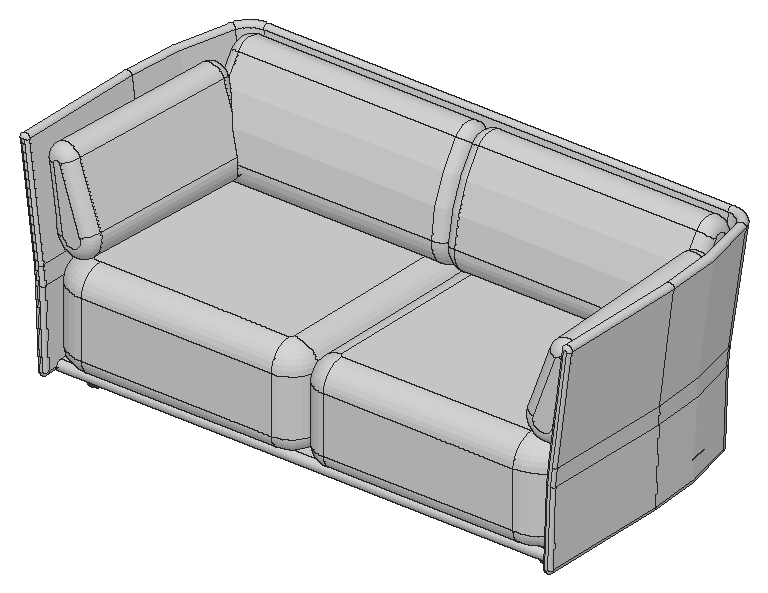
Revit family "NBS_Allermuir_OffcChrs-en-us-Obris_2SeatSofa", category Furniture, Revit 2018
Parameters (values of type "Obris_2SeatSofa_OBR02")
  WarrantyStartDate [instance] = "1900-12-31T23:59:59"
  WarrantyGuarantorParts = "sales@allermuir.com"
  WarrantyGuarantorLabor = "n/a"
  WarrantyDurationUnit = "year"
  WarrantyDurationParts = "10"
  WarrantyDurationLabor = "n/a"
  WarrantyDescription = "Allermuir warrant that its manufactured products are free from manufacturing defects - in materials or workmanship - for a period of ten (10) years. , Allermuir will repair, or replace (at Allermuir's sole discretion) with comparable free of charge materials / components, any product / component which fails under normal use in a single shift environment, as a result of a defect in the materials and/ or workmanship"
  Version = (locked) "1"
  Uniclass2015Version = "Products v1.15"
  Uniclass2015Title = "Sofas"
  Uniclass2015Code = "Pr_40_50_12_81"
  TagNumber [instance] = "n/a"
  SustainabilityPerformance = "99% recyclable"
  Style = "Sofa"
  Status = "UNSET"
  Size = "35.5 x 30.25 x 74.75\""
  Shape = "n/a"
  SerialNumber [instance] = "n/a"
  SeatWidth = "66.50\""
  SeatHeight = "16.25\""
  SeatDepth = "31.50\""
  Revision = "n/a"
  ReplacementCost = "n/a"
  Reference = "n/a"
  ProductInformation = "https://www.allermuir.com/products/sofas/obris"
  OmniClassVersion = "Table 22 2012-05-16"
  OmniClassTitle = "Office Seating"
  OmniClassCode = "22-12 52 23"
  NominalWidth = 1898.65 mm
  NominalLength = 1898.65 mm
  NominalHeight = 768.35 mm
  NominalDepth = 901.7 mm
  Name = "DomesticChairs_OBR02_Obris_Allermuir"
  NBSReference = "45-35-20/365"
  NBSDescription = "Domestic Chairs"
  NBSCertification = "www.nationalbimlibrary.com/cert/jpgt3oy3"
  ModelReference = "Obris"
  ModelNumber = "OBR02"
  Material = "Fabric, Nylon 6, PU foam, Plywood, Aluminium Casting, Aluminium Extrusion, Steel"
  ManufacturerURL = "www.allermuir.com"
  ManufacturerName = (locked) "Allermuir"
  Manufacturer = "sales@allermuir.com"
  MainColor = "n/a"
  IsBuiltIn = no
  InstallationDate [instance] = "1900-12-31T23:59:59"
  IfcExportType = (locked) "SOFA"
  IfcExportAs = (locked) "IfcFurnitureType"
  Grade = "n/a"
  Finish = "Fabric"
  FeetMaterial = NBS_Allermuir_Beech_Black
  SeatMaterial = NBS_Allermuir_Fabric
  Features = "Tubular Steel back frame with foam overmould and tensioned fabric, Tradtional carcass seat with dual density seat foam, Foam core with feather and down back and arm cushions, Solid Beech feet with a Black color wash finish, Reversable plastic/felt glides"
  ExpectedLife = "10"
  DurationUnit = "year"
  Description = "Two seat sofa"
  Constituents = "n/a"
  Color = "n/a"
  CodePerformance = "n/a"
  Category = "Pr_40_50_12_81:Sofas"
  BarCode [instance] = "n/a"
  BIMObjectName = "NBS_Allermuir_DomesticChairs_Obris_OBR02-US"
  Author = (locked) "NBS"
  AssetType = "Movable"
  AssetIdentifier [instance] = "n/a"
  ArmHeight = "30.25\""
  AccessibilityPerformance = "n/a"
Reference planes
  plane 1 "Center (Front/Back)": y = 0
  plane 2: z = 0
  plane 3 "Center (Left/Right)": x = 0
  plane 4 "Left": x = -950
  plane 5 "Right": x = 950
  plane 6 "Back": y = 450
  plane 7 "Front": y = -450
  plane 8 "Top": z = 770
  plane 9 "SeatHeight": z = 415
Forms (mm)
  Sweep 1, solid, material "NBS_Allermuir_Fabric" <- "SeatMaterial", detail levels medium+fine
    path origin (0, 0, 0) x (1, 0, 0) y (0, 1, 0)
      loop
        line (-950, -450) -> (-950, 0)
        arc (-950, 0) -> (-935.279, 193.9) -> (-891.455, 383.355) r 1284.379
        arc (-891.455, 383.355) -> (-857.049, 431.547) -> (-800.785, 450) r 95
        line (-800.785, 450) -> (800.785, 450)
        arc (800.785, 450) -> (857.049, 431.547) -> (891.455, 383.355) r 95
        arc (891.455, 383.355) -> (935.279, 193.9) -> (950, 0) r 1284.379
        line (950, 0) -> (950, -450)
    profile origin (0, 450, 0) x (0, 1, 0) y (0, 0, 1)
      loop
        line (-64.058, 57.421) -> (-53.99, 318.134)
        arc (-53.99, 318.134) -> (-52.12, 348.542) -> (-48.865, 378.832) r 667.818
        line (-48.865, 378.832) -> (-0.126, 752.085)
        arc (-0.126, 752.085) -> (-13.058, 768.901) -> (-29.874, 755.969) r 15
        line (-29.874, 755.969) -> (-78.613, 382.716)
        arc (-78.613, 382.716) -> (-82.014, 351.065) -> (-83.967, 319.292) r 697.818
        line (-83.967, 319.292) -> (-94.036, 58.579)
        arc (-94.036, 58.579) -> (-79.626, 43.011) -> (-64.058, 57.421) r 15
  Extrusion 2, solid, material "NBS_Allermuir_Fabric" <- "SeatMaterial", detail levels medium+fine
    sketch origin (0, 0, 0) x (1, 0, 0) y (0, 1, 0)
      loop
        line (-871, -405.887) -> (871, -405.887) -> (871, 0)
        arc (871, 0) -> (857.185, 181.973) -> (816.056, 359.776) r 1205.379
        arc (816.056, 359.776) -> (810.261, 367.892) -> (800.785, 371) r 16
        line (800.785, 371) -> (-800.785, 371)
        arc (-800.785, 371) -> (-810.261, 367.892) -> (-816.056, 359.776) r 16
        arc (-816.056, 359.776) -> (-857.185, 181.973) -> (-871, 0) r 1205.379
        line (-871, 0) -> (-871, -405.887)
    from 43 to 76
  Extrusion 3, void
    sketch origin (0, 0, 0) x (0, 1, 0) y (0, 0, 1)
      loop
        line (-389.387, 76) -> (-406.387, 76) -> (-406.387, 43) -> (-389.387, 43)
        arc (-389.387, 43) -> (-405.887, 59.5) -> (-389.387, 76) r 16.5
    from -950 to 950
  Sweep 4, void
    path in 3D
      loop
        arc (-866.033, -450, 319.292) -> (-867.986, -450, 351.065) -> (-871.387, -450, 382.716) r 697.818
        line (-871.387, -450, 382.716) -> (-920.126, -450, 755.969)
        arc (-920.126, -450, 755.969) -> (-936.942, -450, 768.901) -> (-949.874, -450, 752.085) r 15
        line (-949.874, -450, 752.085) -> (-901.135, -450, 378.832)
        arc (-901.135, -450, 378.832) -> (-897.88, -450, 348.542) -> (-896.01, -450, 318.134) r 667.818
        line (-896.01, -450, 318.134) -> (-885.942, -450, 57.421)
        arc (-885.942, -450, 57.421) -> (-870.374, -450, 43.011) -> (-855.964, -450, 58.579) r 15
        line (-855.964, -450, 58.579) -> (-866.033, -450, 319.292)
    profile origin (-860.998, -450, 188.935) x (-0.999255, 0, -0.038591) y (0, -1, 0)
      loop
        line (10, 0) -> (10, 2.791) -> (-2.73, 2.791) -> (-2.73, -10) -> (0, -10)
        arc (0, -10) -> (2.929, -2.929) -> (10, 0) r 10
  Sweep 5, void
    path in 3D
      loop
        arc (866.033, -450, 319.292) -> (867.986, -450, 351.065) -> (871.387, -450, 382.716) r 697.818
        line (871.387, -450, 382.716) -> (920.126, -450, 755.969)
        arc (920.126, -450, 755.969) -> (936.942, -450, 768.901) -> (949.874, -450, 752.085) r 15
        line (949.874, -450, 752.085) -> (901.135, -450, 378.832)
        arc (901.135, -450, 378.832) -> (897.88, -450, 348.542) -> (896.01, -450, 318.134) r 667.818
        line (896.01, -450, 318.134) -> (885.942, -450, 57.421)
        arc (885.942, -450, 57.421) -> (870.374, -450, 43.011) -> (855.964, -450, 58.579) r 15
        line (855.964, -450, 58.579) -> (866.033, -450, 319.292)
    profile origin (860.998, -450, 188.935) x (-0.999255, 0, 0.038591) y (0, -1, 0)
      loop
        arc (-10, 0) -> (-2.929, -2.929) -> (0, -10) r 10
        line (0, -10) -> (2.73, -10) -> (2.73, 2.791) -> (-10, 2.791) -> (-10, 0)
  Extrusion 6, solid, material "NBS_Allermuir_Fabric" <- "SeatMaterial", detail levels medium+fine
    sketch origin (0, 0, 0) x (1, 0, 0) y (0, 1, 0)
      loop
        line (-874, 0) -> (-874, -305.733)
        arc (-874, -305.733) -> (-835.924, -397.657) -> (-744, -435.733) r 130
        line (-744, -435.733) -> (-90, -435.733)
        arc (-90, -435.733) -> (-26.36, -409.373) -> (0, -345.733) r 90
        line (0, -345.733) -> (0, 284)
        arc (0, 284) -> (-26.36, 347.64) -> (-90, 374) r 90
        line (-90, 374) -> (-716.033, 374)
        arc (-716.033, 374) -> (-796.891, 345.794) -> (-842.661, 273.415) r 130
        arc (-842.661, 273.415) -> (-866.14, 137.602) -> (-874, 0) r 1208.379
    from 76 to 400
  Extrusion 7, solid, material "NBS_Allermuir_Fabric" <- "SeatMaterial", detail levels medium+fine
    sketch origin (-915.642, -388.05, 1200) x (-0.99863, 0.052336, 0) y (0, 0, 1)
      loop
        line (-96.985, -505.525) -> (-171.232, -709.517)
        arc (-171.232, -709.517) -> (-121.252, -803.939) -> (-32.351, -744.693) r 72
        line (-32.351, -744.693) -> (-0.54, -529.953)
        arc (-0.54, -529.953) -> (-37.723, -474.157) -> (-96.985, -505.525) r 50
    from 0 to 662.776
  Sweep 8, void
    path in 3D
      loop
        arc (-883.336, -389.743, 455.307) -> (-794.557, -394.396, 396.061) -> (-744.645, -397.012, 490.483) r 72
        line (-744.645, -397.012, 490.483) -> (-818.791, -393.126, 694.475)
        arc (-818.791, -393.126, 694.475) -> (-877.971, -390.024, 725.843) -> (-915.103, -388.078, 670.047) r 50
        line (-915.103, -388.078, 670.047) -> (-883.336, -389.743, 455.307)
    profile origin (-899.219, -388.911, 562.677) x (0.987849, -0.051771, 0.146539) y (-0.052336, -0.99863, 0)
      loop
        line (0, 0) -> (0, -40)
        arc (0, -40) -> (11.716, -11.716) -> (40, 0) r 40
        line (40, 0) -> (0, 0)
  Sweep 9, void
    path in 3D
      loop
        arc (-880.416, 273.79, 670.047) -> (-843.284, 271.843, 725.843) -> (-784.104, 268.742, 694.475) r 50
        line (-784.104, 268.742, 694.475) -> (-709.958, 264.856, 490.483)
        arc (-709.958, 264.856, 490.483) -> (-759.869, 267.472, 396.061) -> (-848.649, 272.125, 455.307) r 72
        line (-848.649, 272.125, 455.307) -> (-880.416, 273.79, 670.047)
    profile origin (-864.532, 272.957, 562.677) x (0.987849, -0.051771, 0.146539) y (0.052336, 0.99863, 0)
      loop
        line (0, 0) -> (0, -40)
        arc (0, -40) -> (11.716, -11.716) -> (40, 0) r 40
        line (40, 0) -> (0, 0)
  Extrusion 10, solid, material "NBS_Allermuir_Fabric" <- "SeatMaterial", detail levels medium+fine
    sketch origin (915.642, -388.05, 1200) x (0.99863, 0.052336, 0) y (0, 0, -1)
      loop
        arc (-96.985, 505.525) -> (-37.723, 474.157) -> (-0.54, 529.953) r 50
        line (-0.54, 529.953) -> (-32.351, 744.693)
        arc (-32.351, 744.693) -> (-121.252, 803.939) -> (-171.232, 709.517) r 72
        line (-171.232, 709.517) -> (-96.985, 505.525)
    from 0 to 662.776
  Extrusion 11, solid, material "NBS_Allermuir_Fabric" <- "SeatMaterial", detail levels medium+fine
    sketch origin (0, 0, 0) x (0, 1, 0) y (0, 0, 1)
      loop
        line (380.558, 452.952) -> (412.747, 699.456)
        arc (412.747, 699.456) -> (373.332, 767.857) -> (296.984, 747.776) r 65
        arc (296.984, 747.776) -> (223.693, 617.632) -> (191.581, 471.762) r 506.094
        arc (191.581, 471.762) -> (276.949, 370.72) -> (380.558, 452.952) r 95
    from 0 to 830
  Sweep 12, void
    path in 3D
      loop
        arc (830, 412.747, 699.456) -> (830, 373.332, 767.857) -> (830, 296.984, 747.776) r 65
        arc (830, 296.984, 747.776) -> (830, 223.693, 617.632) -> (830, 191.581, 471.762) r 506.094
        arc (830, 191.581, 471.762) -> (830, 276.949, 370.72) -> (830, 380.558, 452.952) r 95
        line (830, 380.558, 452.952) -> (830, 412.747, 699.456)
    profile origin (830, 396.653, 576.204) x (0, -0.991582, 0.12948) y (1, 0, 0)
      loop
        line (0, 0) -> (0, -40)
        arc (0, -40) -> (11.716, -11.716) -> (40, 0) r 40
        line (40, 0) -> (0, 0)
  Sweep 13, void
    path in 3D
      loop
        arc (0, 412.747, 699.456) -> (0, 373.332, 767.857) -> (0, 296.984, 747.776) r 65
        arc (0, 296.984, 747.776) -> (0, 223.693, 617.632) -> (0, 191.581, 471.762) r 506.094
        arc (0, 191.581, 471.762) -> (0, 276.949, 370.72) -> (0, 380.558, 452.952) r 95
        line (0, 380.558, 452.952) -> (0, 412.747, 699.456)
    profile origin (0, 396.653, 576.204) x (0, 0.991582, -0.12948) y (-1, 0, 0)
      loop
        line (0, 0) -> (-40, 0)
        arc (-40, 0) -> (-11.716, -11.716) -> (0, -40) r 40
        line (0, -40) -> (0, 0)
  Extrusion 14, solid, material "NBS_Allermuir_Beech_Black" <- "FeetMaterial", detail levels medium+fine
    sketch origin (0, 0, 0) x (1, 0, 0) y (0, 1, 0)
      loop
        circle (-780.124, -320.257) r 28.313
      loop
        circle (780.124, -320.257) r 28.313
      loop
        circle (-780.124, 285.257) r 28.313
      loop
        circle (780.124, 285.257) r 28.313
    from 0 to 43
  Extrusion 15, solid, material "NBS_Allermuir_Fabric" <- "SeatMaterial", detail levels coarse
    sketch origin (0, 0, 0) x (1, 0, 0) y (0, 1, 0)
      loop
        line (-950, 450) -> (-950, -450) -> (950, -450) -> (950, 450) -> (-950, 450)
    from 0 to 770
  Extrusion 16, void
    sketch origin (0, 0, 0) x (1, 0, 0) y (0, 1, 0)
      loop
        line (-750, 220) -> (-750, -450) -> (750, -450) -> (750, 220) -> (-750, 220)
    from 415 to 770
  Sweep 17, void
    path in 3D
      loop
        arc (880.416, 273.79, 670.047) -> (843.284, 271.843, 725.843) -> (784.104, 268.742, 694.475) r 50
        line (784.104, 268.742, 694.475) -> (709.958, 264.856, 490.483)
        arc (709.958, 264.856, 490.483) -> (759.869, 267.472, 396.061) -> (848.649, 272.125, 455.307) r 72
        line (848.649, 272.125, 455.307) -> (880.416, 273.79, 670.047)
    profile origin (864.532, 272.957, 562.677) x (0.987849, 0.051771, -0.146539) y (-0.052336, 0.99863, 0)
      loop
        line (0, 0) -> (-40, 0)
        arc (-40, 0) -> (-11.716, -11.716) -> (0, -40) r 40
        line (0, -40) -> (0, 0)
  Sweep 18, void
    path in 3D
      loop
        arc (883.336, -389.743, 455.307) -> (794.557, -394.396, 396.061) -> (744.645, -397.012, 490.483) r 72
        line (744.645, -397.012, 490.483) -> (818.791, -393.126, 694.475)
        arc (818.791, -393.126, 694.475) -> (877.971, -390.024, 725.843) -> (915.103, -388.078, 670.047) r 50
        line (915.103, -388.078, 670.047) -> (883.336, -389.743, 455.307)
    profile origin (899.219, -388.911, 562.677) x (0.987849, 0.051771, -0.146539) y (0.052336, -0.99863, 0)
      loop
        line (0, 0) -> (-40, 0)
        arc (-40, 0) -> (-11.716, -11.716) -> (0, -40) r 40
        line (0, -40) -> (0, 0)
  Extrusion 19, solid, material "NBS_Allermuir_Fabric" <- "SeatMaterial", detail levels medium+fine
    sketch origin (0, 0, 0) x (-1, 0, 0) y (0, -1, 0)
      loop
        arc (-874, 0) -> (-866.14, -137.602) -> (-842.661, -273.415) r 1208.379
        arc (-842.661, -273.415) -> (-796.891, -345.794) -> (-716.033, -374) r 130
        line (-716.033, -374) -> (-90, -374)
        arc (-90, -374) -> (-26.36, -347.64) -> (0, -284) r 90
        line (0, -284) -> (0, 345.733)
        arc (0, 345.733) -> (-26.36, 409.373) -> (-90, 435.733) r 90
        line (-90, 435.733) -> (-744, 435.733)
        arc (-744, 435.733) -> (-835.924, 397.657) -> (-874, 305.733) r 130
        line (-874, 305.733) -> (-874, 0)
    from 76 to 400
  Extrusion 20, solid, material "NBS_Allermuir_Fabric" <- "SeatMaterial", detail levels medium+fine
    sketch origin (0, 0, 0) x (0, 1, 0) y (0, 0, -1)
      loop
        arc (380.558, -452.952) -> (276.949, -370.72) -> (191.581, -471.762) r 95
        arc (191.581, -471.762) -> (223.693, -617.632) -> (296.984, -747.776) r 506.094
        arc (296.984, -747.776) -> (373.332, -767.857) -> (412.747, -699.456) r 65
        line (412.747, -699.456) -> (380.558, -452.952)
    from 0 to 830
  Sweep 21, void
    path in 3D
      loop
        arc (0, 412.747, 699.456) -> (0, 373.332, 767.857) -> (0, 296.984, 747.776) r 65
        arc (0, 296.984, 747.776) -> (0, 223.693, 617.632) -> (0, 191.581, 471.762) r 506.094
        arc (0, 191.581, 471.762) -> (0, 276.949, 370.72) -> (0, 380.558, 452.952) r 95
        line (0, 380.558, 452.952) -> (0, 412.747, 699.456)
    profile origin (0, 396.653, 576.204) x (0, -0.991582, 0.12948) y (1, 0, 0)
      loop
        line (0, 0) -> (0, -40)
        arc (0, -40) -> (11.716, -11.716) -> (40, 0) r 40
        line (40, 0) -> (0, 0)
  Sweep 22, void
    path in 3D
      loop
        arc (-830, 412.747, 699.456) -> (-830, 373.332, 767.857) -> (-830, 296.984, 747.776) r 65
        arc (-830, 296.984, 747.776) -> (-830, 223.693, 617.632) -> (-830, 191.581, 471.762) r 506.094
        arc (-830, 191.581, 471.762) -> (-830, 276.949, 370.72) -> (-830, 380.558, 452.952) r 95
        line (-830, 380.558, 452.952) -> (-830, 412.747, 699.456)
    profile origin (-830, 396.653, 576.204) x (0, 0.991582, -0.12948) y (-1, 0, 0)
      loop
        line (0, 0) -> (-40, 0)
        arc (-40, 0) -> (-11.716, -11.716) -> (0, -40) r 40
        line (0, -40) -> (0, 0)
  Sweep 23, void
    path in 3D
      loop
        arc (-90, -435.733, 400) -> (-26.36, -409.373, 400) -> (0, -345.733, 400) r 90
        line (0, -345.733, 400) -> (0, 284, 400)
        arc (0, 284, 400) -> (-26.36, 347.64, 400) -> (-90, 374, 400) r 90
        line (-90, 374, 400) -> (-716.033, 374, 400)
        arc (-716.033, 374, 400) -> (-796.891, 345.794, 400) -> (-842.661, 273.415, 400) r 130
        arc (-842.661, 273.415, 400) -> (-866.14, 137.602, 400) -> (-874, 0, 400) r 1208.379
        line (-874, 0, 400) -> (-874, -305.733, 400)
        arc (-874, -305.733, 400) -> (-835.924, -397.657, 400) -> (-744, -435.733, 400) r 130
        line (-744, -435.733, 400) -> (-90, -435.733, 400)
    profile origin (-417, -435.733, 400) x (0, 1, 0) y (0, 0, 1)
      loop
        line (0, 0) -> (0, -80)
        arc (0, -80) -> (23.431, -23.431) -> (80, 0) r 80
        line (80, 0) -> (0, 0)
      loop
        line (0, -324) -> (50, -324)
        arc (50, -324) -> (14.645, -309.355) -> (0, -274) r 50
        line (0, -274) -> (0, -324)
  Sweep 24, void
    path in 3D
      loop
        arc (90, -435.733, 400) -> (26.36, -409.373, 400) -> (0, -345.733, 400) r 90
        line (0, -345.733, 400) -> (0, 284, 400)
        arc (0, 284, 400) -> (26.36, 347.64, 400) -> (90, 374, 400) r 90
        line (90, 374, 400) -> (716.033, 374, 400)
        arc (716.033, 374, 400) -> (796.891, 345.794, 400) -> (842.661, 273.415, 400) r 130
        arc (842.661, 273.415, 400) -> (866.14, 137.602, 400) -> (874, 0, 400) r 1208.379
        line (874, 0, 400) -> (874, -305.733, 400)
        arc (874, -305.733, 400) -> (835.924, -397.657, 400) -> (744, -435.733, 400) r 130
        line (744, -435.733, 400) -> (90, -435.733, 400)
    profile origin (417, -435.733, 400) x (0, -1, 0) y (0, 0, 1)
      loop
        line (0, 0) -> (-80, 0)
        arc (-80, 0) -> (-23.431, -23.431) -> (0, -80) r 80
        line (0, -80) -> (0, 0)
      loop
        line (0, -324) -> (0, -274)
        arc (0, -274) -> (-14.645, -309.355) -> (-50, -324) r 50
        line (-50, -324) -> (0, -324)
Cuts and joins
  Extrusion 3 cuts Extrusion 2
  Sweep 4, Sweep 5 cuts Sweep 1
  Sweep 8, Sweep 9, Sweep 17, Sweep 18 cuts Extrusion 7
  Sweep 12, Sweep 13 cuts Extrusion 11
  Extrusion 16 cuts Extrusion 15
  Sweep 17, Sweep 18, Sweep 22 cuts Extrusion 10
  Sweep 22, Sweep 24 cuts Extrusion 19
  Sweep 21, Sweep 22 cuts Extrusion 20
  Sweep 23 cuts Extrusion 6
